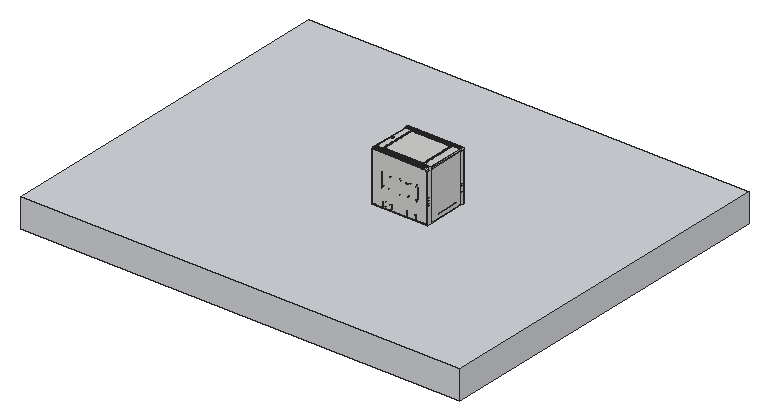
Revit family "Шкаф телекоммуникационный настенный разборный 19” 600x550_1", category Обобщенные модели, Revit 2019 (continued)
Types (16, lengths in mm): name | Default Elevation | Дверь | Высота двери | ADSK_Этаж | ADSK_Размер_Высота | ADSK_Обозначение | ADSK_Наименование | ADSK_Масса_Текст | ADSK_Марка | ADSK_Код изделия | ADSK_URL страницы изделия
  ШТ-НСр 9U (600х550мм) стеклянная дверь | 800 | Дверь_С : Дверь_С | 413 | "-" | 493 | "ШТ-НСр 9U (600х550мм) стеклянная дверь" | "Шкаф телекоммуникационный настенный разборный 19”,9U(600x550), ШТ-НСр-9U-600-550-С дверь стекло ССД" | "21,4" | "ШТ-НСр 9U (600х550мм) стеклянная дверь" | "130411-00557" | "https://www.ssd.ru/shkaf-telekommunikatsionnyy-nastennyy-razbornyy-19-9u-600x550-sht-nsr-9u-600-550-s-dver-steklo"
  ШТ-НСр 9U (600х550мм) металлическая дверь | 800 | Дверь_М : Дверь_М | 413 | "-" | 493 | "ШТ-НСр 9U (600х550мм) металлическая дверь" | "Шкаф телекоммуникационный настенный разборный 19”,9U(600x550), ШТ-НСр-9U-600-550-М дверь металл ССД" | "20,8" | "ШТ-НСр 9U (600х550мм) металлическая дверь" | "130411-00558" | "https://www.ssd.ru/shkaf-telekommunikatsionnyy-nastennyy-razbornyy-19-9u-600x550-sht-nsr-9u-600-550-m-dver-metall"
  ШТ-НСр 9U (600х550мм) перфорированная дверь | 800 | Дверь_П-9U : Дверь_П-9U | 413 | "-" | 493 | "ШТ-НСр 9U (600х550мм) перфорированная дверь" | "Шкаф телекоммуникационный настенный разборный 19”,9U(600x550), ШТ-НСр-9U-600-550-П дверь перфорированная ССД" | "20,5" | "ШТ-НСр 9U (600х550мм) перфорированная дверь" | "130411-00559" | "https://www.ssd.ru/shkaf-telekommunikatsionnyy-nastennyy-razbornyy-19-9u-600x550-sht-nsr-9u-600-550-p-dver-perforirovan"
  ШТ-НСр 12U (600х550мм) стеклянная дверь | 0 | Дверь_С : Дверь_С | 546 | "-" | 626 | "ШТ-НСр 12U (600х550мм) стеклянная дверь" | "Шкаф телекоммуникационный настенный разборный 19”,12U(600x550), ШТ-НСр-12U-600-550-С дверь стекло ССД" | "24,4" | "ШТ-НСр 12U (600х550мм) стеклянная дверь" | "130411-00566" | "https://www.ssd.ru/shkaf-telekommunikatsionnyy-nastennyy-razbornyy-19-12u-600x550-sht-nsr-12u-600-550-s-dver-steklo"
  ШТ-НСр 12U (600х550мм) металлическая двер | 800 | Дверь_М : Дверь_М | 546 | "-" | 626 | "ШТ-НСр 12U (600х550мм) металлическая двер" | "Шкаф телекоммуникационный настенный разборный 19”,12U(600x550), ШТ-НСр-12U-600-550-М дверь металл ССД" | "23,6" | "ШТ-НСр 12U (600х550мм) металлическая двер" | "130411-00567" | "https://www.ssd.ru/shkaf-telekommunikatsionnyy-nastennyy-razbornyy-19-12u-600x550-sht-nsr-12u-600-550-m-dver-metall"
  ШТ-НСр 12U (600х550мм) перфорированная дверь | 800 | Дверь_П-12U : Дверь_П-12U | 546 | "-" | 626 | "ШТ-НСр 12U (600х550мм) перфорированная дверь" | "Шкаф телекоммуникационный настенный разборный 19”,12U(600x550), ШТ-НСр-12U-600-550-П дверь перфорированная ССД" | "23,3" | "ШТ-НСр 12U (600х550мм) перфорированная дверь" | "130411-00568" | "https://www.ssd.ru/shkaf-telekommunikatsionnyy-nastennyy-razbornyy-19-12u-600x550-sht-nsr-12u-600-550-p-dver-perforirov"
  ШТ-НСр 15U (600х550мм) стеклянная дверь | 800 | Дверь_С : Дверь_С | 680 | "-" | 760 | "ШТ-НСр 15U (600х550мм) стеклянная дверь" | "Шкаф телекоммуникационный настенный разборный 19”,15U(600x550), ШТ-НСр-15U-600-550-С дверь стекло ССД" | "27,4" | "ШТ-НСр 15U (600х550мм) стеклянная дверь" | "130411-00575" | "https://www.ssd.ru/shkaf-telekohttps://www.ssd.ru/shkaf-telekommunikatsionnyy-nastennyy-razbornyy-19-15u-600x550-sht-nsr-15u-600-550-s-dver-steklo"
  ШТ-НСр 15U (600х550мм) металлическая дверь | 800 | Дверь_М : Дверь_М | 680 | "" | 760 | "ШТ-НСр 15U (600х550мм) металлическая дверь" | "Шкаф телекоммуникационный настенный разборный 19”,15U(600x550), ШТ-НСр-15U-600-550-М дверь металл ССД" | "26,4" | "ШТ-НСр 15U (600х550мм) металлическая дверь" | "130411-00576" | "https://www.ssd.ru/shkaf-telekommunikatsionnyy-nastennyy-razbornyy-19-15u-600x550-sht-nsr-15u-600-550-m-dver-metall"
  ШТ-НСр 15U (600х550мм) перфорированная дверь | 800 | Дверь_П-15U : Дверь_П-15U | 680 | "-" | 760 | "ШТ-НСр 15U (600х550мм) перфорированная дверь" | "Шкаф телекоммуникационный настенный разборный 19”,15U(600x550), ШТ-НСр-15U-600-550-П дверь перфорированная ССД" | "26,0" | "ШТ-НСр 15U (600х550мм) перфорированная дверь" | "130411-00577" | "https://www.ssd.ru/shkaf-telekommunikatsionnyy-nastennyy-razbornyy-19-15u-600x550-sht-nsr-15u-600-550-p-dver-perforirov"
  ШТ-НСр 18U (600х550мм) стеклянная дверь | 800 | Дверь_С : Дверь_С | 813 | "-" | 893 | "ШТ-НСр 18U (600х550мм) стеклянная дверь" | "Шкаф телекоммуникационный настенный разборный 19”,18U(600x550), ШТ-НСр-18U-600-550-С дверь стекло ССД" | "30,4" | "ШТ-НСр 18U (600х550мм) стеклянная дверь" | "130411-00584" | "https://www.ssd.ru/shkaf-telekommunikatsionnyy-nastennyy-razbornyy-19-18u-600x550-sht-nsr-18u-600-550-s-dver-steklo"
  ШТ-НСр 18U (600х550мм) металлическая дверь | 800 | Дверь_М : Дверь_М | 813 | "-" | 893 | "ШТ-НСр 18U (600х550мм) металлическая дверь" | "Шкаф телекоммуникационный настенный разборный 19”,18U(600x550), ШТ-НСр-18U-600-550-М дверь металл ССД" | "29,3" | "ШТ-НСр 18U (600х550мм) металлическая дверь" | "130411-00585" | "https://www.ssd.ru/shkaf-telekommunikatsionnyy-nastennyy-razbornyy-19-18u-600x550-sht-nsr-18u-600-550-m-dver-metall"
  ШТ-НСр 18U (600х550мм) перфорированная дверь | 800 | Дверь_П-18U : Дверь_П-18U | 813 | "-" | 893 | "ШТ-НСр 18U (600х550мм) перфорированная дверь" | "Шкаф телекоммуникационный настенный разборный 19”,18U(600x550), ШТ-НСр-18U-600-550-П дверь перфорированная ССД" | "28,9" | "ШТ-НСр 18U (600х550мм) перфорированная дверь" | "130411-00586" | "https://www.ssd.ru/shkaf-telekommunikatsionnyy-nastennyy-razbornyy-19-18u-600x550-sht-nsr-18u-600-550-p-dver-perforirov"
